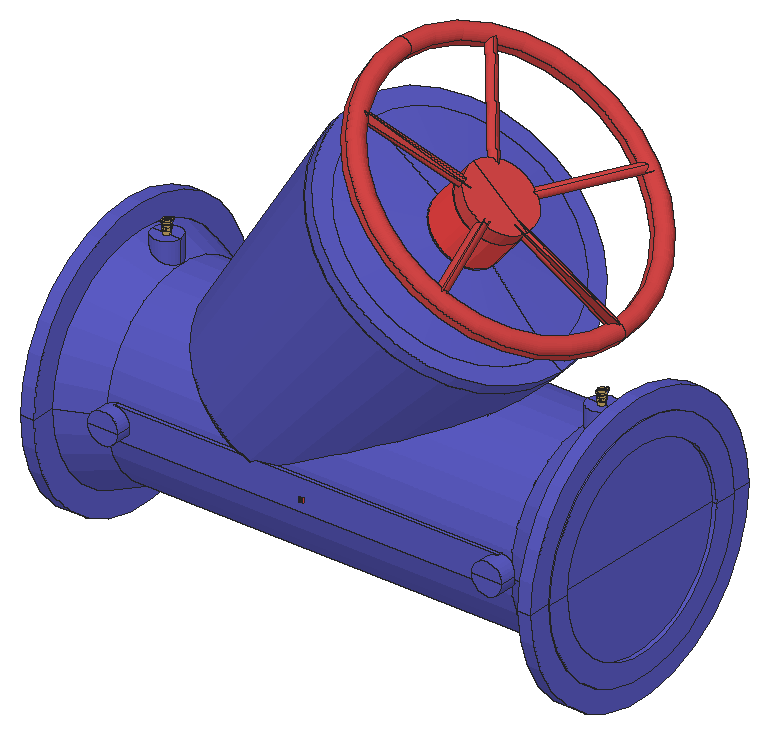
Revit family "HERZ Strömax Балансировочный клапан с измерительными клапанами, шпиндель наклонный 4218 GF PN16", category Rohrzubehör, Revit 2021
Family settings
  Bemaßung runder Anschluss = Durchmesser verwenden
  Teiletyp = Unterbricht
  OmniClass-Nummer = 23.65.55.14
  OmniClass-Titel = Valves for Liquid Services
  Arbeitsebenenbasiert = Nein
  Immer vertikal = Ja
  Beim Laden mit Abzugskörper schneiden = Nein
  Gemeinsam genutzt = Nein
Parameters
  Шпиндель = "нержавеющая сталь"  # constant formula
  Среда = "Допускается использование этилен- и пропиленгликоля в концентрации смеси 25-50% объема.\r\nКачество теплоносителя согласно ÖNORM H 5195 и VDI 2035."
  Область применения = "Для гидравлической балансировки в системах отопления или охлаждения, регулирования и перекрытия трубопроводов, стояков, теплообменников, тепловых и холодильных регистров."
  Номер заказа [instance] = size_lookup("4218_GF_16_", "Artnr", 0, Nennweite)  # 1421890
  Мин. рабочая температура = -10 °C  # constant formula
  Макс. рабочее давление = 1600000.0 Pa  # constant formula
  Макс. рабочая температура = 110 °C  # constant formula
  Корпус = "чугун с шаровидным графитом EN-GJS-400-15"  # constant formula
  Исполнение = "Балансировочный  клапан STRÖMAX-GF с измерительными клапанами, DN 350-500, корпус из чугуна с шаровидным графитом GJS 400-15 в соответствии с EN 1561, фланцы в соответствии с EN 1092, PN 16 или PN 25, покрыт синей эмалью.\r\nБукса из чугуна с шаровидным графитом GJS 400-15, с неподнимающимся шпинделем, уплотнение шпинделя с посощью тройных кольцевых уплотнений.\r\nЦифровой лимб указателя настройки."
  Измерение перепада давления = "Балансировочный клапан STRÖMAX GF оборудован двумя измерительными клапанами:\r\nпри использовании соответствующего измерительного прибора можно измерить перепад давления и благодаря этому можно соответственно определить расход."
  Букса = "чугун с шаровидным графитом EN-GJS-400-15"  # constant formula
  kvs-значения [instance] = if(Nennweite = 350.00 mm, 2917.6, if(Nennweite = 400.00 mm, 3854.8, if(Nennweite = 500.00 mm, 5250.6, 0)))  # 3854.8
  Счетное устройство = "пластмасса"  # constant formula
  W02 = 60.00°  # constant formula
  W01 = 50.00°  # constant formula
  Кегель клапана = "чугун с шаровидным графитом EN-GJS-400-15 согласно EN 1561 / EPDM с покрытием"  # constant formula
  Vorgabe-Ansicht = 0.00 mm
  S01 [instance] = Nennweite + 10.00 mm  # 410.00 mm
  Регулирующий шпиндель = "нержавеющая сталь"  # constant formula
  O-Ring = "EPDM"  # constant formula
  L04 [instance] = size_lookup("4218_GF_16_", "L4", 1.00 mm, Nennweite)  # 229.00 mm
  H11 = 85.00 mm  # constant formula
  H10 [instance] = H07 + H03  # 629.50 mm
  H08 = 47.00 mm  # constant formula
  H07 = 50.00 mm  # constant formula
  H06 = 27.00 mm  # constant formula
  H05 [instance] = H04 + 25.00 mm  # 516.00 mm
  H04 [instance] = size_lookup("4218_GF_16_", "H4", 1.00 mm, Nennweite)  # 491.00 mm
  H03 [instance] = size_lookup("4218_GF_16_", "H3", 1.00 mm, Nennweite)  # 579.50 mm
  Вес [instance] = if(Nennweite = 350.00 mm, "536.0 kg", if(Nennweite = 400.00 mm, "547.0 kg", if(Nennweite = 500.00 mm, "968.0 kg", "0")))  # "547.0 kg"
  URL = "www.herz-armaturen.ru"
  SCRNSEQ = "ARM;ARM_TYP=\"STRV\";2"
  SCRNCODE = "05;07;02"  # constant formula
  R02 [instance] = size_lookup("4218_GF_16_", "R2", 1.00 mm, Nennweite)  # 30.00 mm
  R01 [instance] = size_lookup("4218_GF_16_", "R1", 1.00 mm, Nennweite)  # 32.50 mm
  Nennweite [instance] = 400.00 mm
  L03 [instance] = size_lookup("4218_GF_16_", "L3", 1.00 mm, Nennweite)  # 465.00 mm
  L02 [instance] = size_lookup("4218_GF_16_", "L2", 1.00 mm, Nennweite)  # 410.00 mm
  L01 [instance] = size_lookup("4218_GF_16_", "L1", 1.00 mm, Nennweite)  # 432.50 mm
  L00 [instance] = size_lookup("4218_GF_16_", "L", 1.00 mm, Nennweite)  # 1100.00 mm
  Hersteller = "HERZ Armaturen Ges.m.b.H."  # constant formula
  H09 [instance] = H03  # 579.50 mm
  H02 [instance] = size_lookup("4218_GF_16_", "H2", 1.00 mm, Nennweite)  # 250.00 mm
  H01 [instance] = size_lookup("4218_GF_16_", "H1", 1.00 mm, Nennweite)  # 239.00 mm
  GT = 10.00 mm  # constant formula
  FLL02 [instance] = size_lookup("4218_GF_16_", "FLL2", 1.00 mm, Nennweite)  # 28.00 mm
  FLL01 [instance] = size_lookup("4218_GF_16_", "FLL1", 1.00 mm, Nennweite)  # 4.00 mm
  FLD03 [instance] = size_lookup("4218_GF_16_", "FLD3", 1.00 mm, Nennweite)  # 203.20 mm
  FLD02 [instance] = size_lookup("4218_GF_16_", "FLD2", 1.00 mm, Nennweite)  # 240.00 mm
  FLD01 [instance] = size_lookup("4218_GF_16_", "FLD1", 1.00 mm, Nennweite)  # 245.00 mm
  FLD00 [instance] = size_lookup("4218_GF_16_", "FLD", 1.00 mm, Nennweite)  # 290.00 mm
  DN500 [instance] = Nennweite = 500.00 mm  # no
  DN400 [instance] = Nennweite = 400.00 mm  # yes
  DN350 [instance] = Nennweite = 350.00 mm  # no
  D05 = 75.00 mm  # constant formula
  D04 [instance] = size_lookup("4218_GF_16_", "D4", 1.00 mm, Nennweite)  # 37.50 mm
  D03 [instance] = size_lookup("4218_GF_16_", "D3", 1.00 mm, Nennweite)  # 220.00 mm
  D02 [instance] = D03 - 20.00 mm  # 200.00 mm
  D01 [instance] = size_lookup("4218_GF_16_", "D1", 1.00 mm, Nennweite)  # 285.00 mm
  D00 [instance] = size_lookup("4218_GF_16_", "D", 1.00 mm, Nennweite)  # 218.00 mm
  BH02 [instance] = -BH01  # -32.50 mm
  BH01 [instance] = size_lookup("4218_GF_16_", "BH1", 1.00 mm, Nennweite)  # 32.50 mm
  Anschluss [instance] = Nennweite / 2  # 200.00 mm
Reference planes
  plane 1 "Mitte (Vorne/hinten)": y = 0
  plane 2: z = 0
  plane 3 "Mitte (Links/rechts)": x = 0
Forms (mm)
  Revolve 1, solid, material "Herz-Marineblau", detail levels fine
    sketch origin (1058.943, 0, 0) x (1, 0, 0) y (0, 1, 0)
      loop
        line (-1604.943, 290) -> (-1604.943, 245) -> (-1608.943, 245) -> (-1608.943, 200) -> (-1598.943, 200) -> (-1598.943, 0) -> (-518.943, 0) -> (-518.943, 200) -> (-508.943, 200) -> (-508.943, 245) -> (-512.943, 245) -> (-512.943, 290) -> (-540.943, 290) -> (-540.943, 240) -> (-626.443, 203.2)
        arc (-626.443, 203.2) -> (-1058.943, 218) -> (-1491.443, 203.2) r 6326.868
        line (-1491.443, 203.2) -> (-1576.943, 240) -> (-1576.943, 290) -> (-1604.943, 290)
      axis (-1608.943, 0) -> (-508.943, 0)
    angle from 0 to 360
  Revolve 2, solid, material "Herz-Marineblau", detail levels fine
    sketch origin (0, 0, 0) x (1, 0, 0) y (0, 1, 0)
      loop
        line (-410, 239) -> (-442.5, 239) -> (-442.5, -239) -> (-410, -239) -> (-410, 239)
      axis (-410, 239) -> (-410, -239)
    angle from 0 to 360
  Revolve 3, solid, material "Herz-Marineblau", detail levels fine
    sketch origin (0, 0, 0) x (-1, 0, 0) y (0, 1, 0)
      loop
        line (-410, 239) -> (-442.5, 239) -> (-442.5, -239) -> (-410, -239) -> (-410, 239)
      axis (-410, 239) -> (-410, -239)
    angle from 0 to 360
  Revolve 4, solid, material "Herz-Marineblau", detail levels fine
    sketch origin (0, 0, 0) x (1, 0, 0) y (0, 0, 1)
      loop
        line (-465, 0) -> (-465, 250) -> (-495, 250) -> (-495, 0) -> (-465, 0)
      axis (-465, 250) -> (-465, 0)
    angle from 0 to 360
  Revolve 5, solid, material "Herz-Marineblau", detail levels fine
    sketch origin (0, 0, 0) x (-1, 0, 0) y (0, 0, 1)
      loop
        line (-465, 0) -> (-465, 250) -> (-495, 250) -> (-495, 0) -> (-465, 0)
      axis (-465, 250) -> (-465, 0)
    angle from 0 to 360
  Extrusion 6, solid, material "Herz-Marineblau", visible <- "DN500", detail levels fine
    sketch origin (0, 0, 0) x (1, 0, 0) y (0, 1, 0)
      loop
        arc (-475, -263.998) -> (0, -282.994) -> (475, -263.998) r 5948.094
        line (475, -263.998) -> (475, 263.998)
        arc (475, 263.998) -> (0, 282.994) -> (-475, 263.998) r 5948.094
        line (-475, 263.998) -> (-475, -263.998)
    from -32.5 <- "BH02" to 32.5 <- "BH01"
  Extrusion 7, solid, material "Herz-Marineblau", visible <- "DN400", detail levels fine
    sketch origin (0, 0, 0) x (1, 0, 0) y (0, 1, 0)
      loop
        arc (-410, -209.712) -> (0, -223.005) -> (410, -209.712) r 6329.849
        line (410, -209.712) -> (410, 209.712)
        arc (410, 209.712) -> (0, 223.005) -> (-410, 209.712) r 6329.849
        line (-410, 209.712) -> (-410, -209.712)
    from -32.5 <- "BH02" to 32.5 <- "BH01"
  Extrusion 8, solid, material "Herz-Marineblau", visible <- "DN350", detail levels fine
    sketch origin (0, 0, 0) x (1, 0, 0) y (0, 1, 0)
      loop
        arc (-390, -185.916) -> (0, -255.071) -> (390, -185.916) r 1134.286
        line (390, -185.916) -> (390, 185.916)
        arc (390, 185.916) -> (0, 255.071) -> (-390, 185.916) r 1134.286
        line (-390, 185.916) -> (-390, -185.916)
    from -32.5 <- "BH02" to 32.5 <- "BH01"
  Revolve 9, solid, material "Herz-Marineblau", detail levels fine
    sketch origin (0, 0, 0) x (1, 0, 0) y (0, 0, 1)
      loop
        line (-229, 0) -> (143.495, 443.923) -> (-74.827, 627.117) -> (-340.643, 209.208) -> (-341.392, 177.201) -> (-229, 0)
      axis (-229, 0) -> (143.495, 443.923)
    angle from 0 to 360
  Revolve 10, solid, material "Herz-Marineblau", detail levels fine
    sketch origin (0, 0, 0) x (1, 0, 0) y (0, 0, 1)
      loop
        line (143.495, 443.923) -> (175.635, 482.225) -> (118.181, 530.434) -> (116.253, 528.136)
        arc (116.253, 528.136) -> (45.842, 579.084) -> (-28.745, 623.696) r 995.411
        line (-28.745, 623.696) -> (-57.472, 647.8) -> (-74.827, 627.117) -> (143.495, 443.923)
      axis (175.635, 482.225) -> (143.495, 443.923)
    angle from 0 to 360
  Revolve 11, solid, material "Kunsstoff rot", detail levels fine
    sketch origin (0, 0, 0) x (1, 0, 0) y (0, 0, 1)
      loop
        line (175.635, 482.225) -> (230.272, 547.339) -> (172.818, 595.548) -> (118.181, 530.434) -> (175.635, 482.225)
      axis (230.272, 547.339) -> (175.635, 482.225)
    angle from 0 to 360
Lines and regions (mm)
  model lines, detail levels coarse+medium
    curve 1: line (-550, 0, 290) -> (-550, 0, -290)
    curve 2: line (-550, 0, -290) -> (550, 0, 290)
    curve 3: line (550, 0, 290) -> (550, 0, -290)
    curve 4: line (550, 0, -290) -> (-550, 0, 290)
    curve 5: line (0, 0, 0) -> (334.574, 0, 579.5)
    curve 6: line (157.039, 0, 682) -> (512.11, 0, 477)
    curve 7: line (-550, 290, 0) -> (-550, -290, 0)
    curve 8: line (-550, -290, 0) -> (550, 290, 0)
    curve 9: line (550, 290, 0) -> (550, -290, 0)
    curve 10: line (550, -290, 0) -> (-550, 290, 0)
    curve 11: line (0, 0, 0) -> (334.574, 579.5, 0)
    curve 12: line (157.039, 682, 0) -> (512.11, 477, 0)
Dimensions and locks
  "FLD00": plane 1 "Mitte (Vorne/hinten)" to Revolve 1 sketch curve
  "FLD01": plane 1 "Mitte (Vorne/hinten)" to Revolve 1 sketch curve
  "FLD02": plane 1 "Mitte (Vorne/hinten)" to Revolve 1 sketch curve  (x2)
  "FLD03": plane 1 "Mitte (Vorne/hinten)" to Revolve 1 sketch curve  (x2)
  "GT": Revolve 1 sketch curve to Revolve 1 sketch curve  (x2)
  "FLL01": Revolve 1 sketch curve to Revolve 1 sketch curve  (x2)
  "FLL02": Revolve 1 sketch curve to Revolve 1 sketch curve  (x2)
  equal spacing: Revolve 1 sketch curve, plane 3 "Mitte (Links/rechts)", Revolve 1 sketch curve
  "Anschluss": Revolve 1 sketch curve to plane 1 "Mitte (Vorne/hinten)"
  "Anschluss": plane 1 "Mitte (Vorne/hinten)" to Revolve 1 sketch curve
  "FLD01": Revolve 1 sketch curve to plane 1 "Mitte (Vorne/hinten)"
  "FLD00": Revolve 1 sketch curve to plane 1 "Mitte (Vorne/hinten)"
  "L00": Revolve 1 sketch curve to Revolve 1 sketch curve
  "D00": plane 1 "Mitte (Vorne/hinten)" to Revolve 1 sketch curve
  "L01": Revolve 1 sketch curve to plane 3 "Mitte (Links/rechts)" to Revolve 1 sketch curve
  "L02": Revolve 2 sketch curve to plane 3 "Mitte (Links/rechts)"
  "R01": Revolve 2 sketch curve to Revolve 2 sketch curve
  "H01": Revolve 2 sketch curve to plane 1 "Mitte (Vorne/hinten)" to Revolve 2 sketch curve
  "L02": plane 3 "Mitte (Links/rechts)" to Revolve 3 sketch curve
  "R01": Revolve 3 sketch curve to Revolve 3 sketch curve
  "H01": Revolve 3 sketch curve to plane 1 "Mitte (Vorne/hinten)" to Revolve 3 sketch curve
  "L03": plane 3 "Mitte (Links/rechts)" to Revolve 4 sketch curve
  "R02": Revolve 4 sketch curve to Revolve 4 sketch curve
  "H02": Revolve 4 sketch curve to plane 2
  "R02": Revolve 5 sketch curve to Revolve 5 sketch curve
  "L03": Revolve 5 sketch curve to plane 3 "Mitte (Links/rechts)"
  "H02": Revolve 5 sketch curve to plane 2
  "L03": plane 3 "Mitte (Links/rechts)" to nested 1
  "L03": nested 2 to plane 3 "Mitte (Links/rechts)"
  "H02": nested 1 to plane 2
  "H02": nested 2 to plane 2
  "FLD00": curve 4 to plane 2 to curve 2
  "FLD00": curve 3 to plane 2 to curve 4
  equal spacing: curve 1, plane 3 "Mitte (Links/rechts)", curve 3
  "L00": curve 1 to curve 3
  "H09": curve 5 to plane 2
  equal spacing: curve 1, curve 5, curve 3
  equal spacing: curve 6, curve 5, curve 6
  "S01": curve 6 to curve 6
  "FLD00": curve 8 to plane 1 "Mitte (Vorne/hinten)" to curve 10
  "FLD00": curve 10 to plane 1 "Mitte (Vorne/hinten)" to curve 9
  equal spacing: curve 7, plane 3 "Mitte (Links/rechts)", curve 9
  "L00": curve 7 to curve 9
  equal spacing: curve 7, curve 11, curve 9
  "H09": plane 1 "Mitte (Vorne/hinten)" to curve 11
  equal spacing: curve 12, curve 11, curve 12
  "S01": curve 12 to curve 12
  "L04": plane 3 "Mitte (Links/rechts)" to Revolve 9 sketch curve  (x2)
  "H03": Revolve 9 sketch curve to Revolve 9 sketch curve
  "D02": Revolve 9 sketch curve to Revolve 9 sketch curve
  "H05": Revolve 9 sketch curve to Revolve 9 sketch curve
  "H04": Revolve 9 sketch curve to Revolve 9 sketch curve
  "D03": Revolve 9 sketch curve to Revolve 9 sketch curve
  "H03": Revolve 10 sketch curve to Revolve 10 sketch curve
  "D01": Revolve 10 sketch curve to Revolve 10 sketch curve  (x2)
  "D04": Revolve 10 sketch curve to Revolve 10 sketch curve
  "D05": Revolve 10 sketch curve to Revolve 10 sketch curve
  "H06": Revolve 9 to Revolve 10 sketch curve
  "H07": Revolve 9 to Revolve 10 sketch curve
  "H08": Revolve 9 to Revolve 10 sketch curve
  "L04": plane 3 "Mitte (Links/rechts)" to Revolve 10 sketch curve
  "D01": Revolve 9 sketch curve to Revolve 9 sketch curve
  "L04": plane 3 "Mitte (Links/rechts)" to Revolve 11 sketch curve
  "H11": Revolve 10 to Revolve 11 sketch curve
  "D05": Revolve 11 sketch curve to Revolve 11 sketch curve  (x2)
  "H10": Revolve 11 sketch curve to Revolve 11 sketch curve
  "W02": angle plane 2 to curve 5
  "W02": angle plane 1 "Mitte (Vorne/hinten)" to curve 11
  "W01": angle plane 2 to Revolve 9 sketch curve  (x2)
  "W01": angle plane 2 to Revolve 10 sketch curve  (x2)
  "W01": angle plane 2 to Revolve 11 sketch curve  (x2)
  aligned and locked: level to plane 2
Automatic sketch dimensions
  Extrusion 6 sketch curve to plane 3 "Mitte (Links/rechts)" = 0.00 mm  (x2)
  plane 1 "Mitte (Vorne/hinten)" to Extrusion 6 sketch curve = 263.998 mm
  Extrusion 6 sketch curve to plane 3 "Mitte (Links/rechts)" = 475.00 mm
  Extrusion 6 sketch curve to Extrusion 6 sketch curve = 5401.102 mm
  Extrusion 6 sketch curve to plane 1 "Mitte (Vorne/hinten)" = 5665.10 mm
  Extrusion 6 sketch curve to plane 1 "Mitte (Vorne/hinten)" = 263.998 mm  (x2)
  Extrusion 7 sketch curve to plane 3 "Mitte (Links/rechts)" = 0.00 mm  (x2)
  plane 1 "Mitte (Vorne/hinten)" to Extrusion 7 sketch curve = 209.712 mm  (x2)
  Extrusion 7 sketch curve to plane 3 "Mitte (Links/rechts)" = 410.00 mm
  Extrusion 7 sketch curve to Extrusion 7 sketch curve = 5897.131 mm
  Extrusion 7 sketch curve to plane 1 "Mitte (Vorne/hinten)" = 6106.844 mm
  Extrusion 7 sketch curve to plane 1 "Mitte (Vorne/hinten)" = 209.712 mm
  Extrusion 8 sketch curve to plane 3 "Mitte (Links/rechts)" = 0.00 mm  (x2)
  plane 1 "Mitte (Vorne/hinten)" to Extrusion 8 sketch curve = 185.916 mm
  Extrusion 8 sketch curve to plane 3 "Mitte (Links/rechts)" = 390.00 mm
  Extrusion 8 sketch curve to Extrusion 8 sketch curve = 693.298 mm
  Extrusion 8 sketch curve to plane 1 "Mitte (Vorne/hinten)" = 879.214 mm
  Extrusion 8 sketch curve to plane 1 "Mitte (Vorne/hinten)" = 185.916 mm  (x2)
  plane 1 "Mitte (Vorne/hinten)" to Revolve 1 sketch curve = 0.00 mm  (x2)
  Revolve 1 sketch curve to Revolve 1 sketch curve = 35.00 mm
  Revolve 1 sketch curve to Revolve 1 sketch curve = 40.00 mm
  Revolve 2 sketch curve to Revolve 2 sketch curve = 0.00 mm  (x3)
  Revolve 3 sketch curve to Revolve 3 sketch curve = 0.00 mm  (x3)
  Revolve 4 sketch curve to level = 0.00 mm  (x2)
  Revolve 4 sketch curve to Revolve 4 sketch curve = 0.00 mm  (x2)
  Revolve 5 sketch curve to level = 0.00 mm  (x2)
  Revolve 5 sketch curve to Revolve 5 sketch curve = 0.00 mm  (x2)
  Revolve 9 sketch curve to level = 0.00 mm  (x2)
  Revolve 10 sketch curve to level = 0.00 mm
  Revolve 10 sketch curve to level = 252.062 mm
  Revolve 11 sketch curve to level = 0.00 mm
Nested families
  nested 1: "Messstutzen_Band_Eintritt_senkrecht_(oben)" at (-465, 0, 241), type "Messstutzen_Band_Eintritt_senkrecht_(oben)", detail levels fine
    with Schutzkappe yes, Nennweite 0.00 mm, Gewicht 0.00 kg, Bestellnummer 0
  nested 2: "Messstutzen_Band_Austritt_senkrecht_(oben)" at (465, 0, 241), type "Messstutzen_Band_Austritt_senkrecht_(oben)", detail levels fine
    with Schutzkappe yes, Nennweite 0.00 mm, Gewicht 0.00 kg, Bestellnummer 0
  nested 3: "Herz-Logo-vorne" at (0, -282.994, 0) x (0, 1, 0) z (0, 0, 1), visible <- "DN500", type "Herz-Logo-vorne", detail levels fine
  nested 4: "Herz-Logo-vorne" at (0, -221.503, 0) x (0, 1, 0) z (0, 0, 1), visible <- "DN400", type "Herz-Logo-vorne", detail levels fine
  nested 5: "Herz-Logo-vorne" at (0, -255.053, 0) x (0, 1, 0) z (0, 0, 1), visible <- "DN350", type "Herz-Logo-vorne", detail levels fine
  nested 6: "Strangregulierventil-Handrad_VOLL-Schräg (Rot) DN350-DN400" at (211.704, 0, 501.376), visible <- "DN350", type "Strangregulierventil-Handrad_VOLL-Schräg (Rot) DN350-DN400"
    with DN300 yes
  nested 7: "Strangregulierventil-Handrad_VOLL-Schräg (Rot) DN350-DN400" at (230.272, 0, 547.339), visible <- "DN400", type "Strangregulierventil-Handrad_VOLL-Schräg (Rot) DN350-DN400"
    with DN300 yes
  nested 8: "Strangregulierventil-Handrad_VOLL-Schräg (Rot) DN500" at (262.637, 0, 616.896), visible <- "DN500", type "Strangregulierventil-Handrad_VOLL-Schräg (Rot) DN500", detail levels fine
    with DN300 yes
Connectors
  piping at (-550, 0, 0), diameter 400, driven by "Nennweite"
    settings: on Revolve 1, index 1, connector inside diameter 609.6 mm, connector length 0.00 mm, flow factor 0, pipe flow 0.0 L/s, pressure drop 0.0 Pa, fitting loss kfactor 0, connector angle 0.00°, fixture units 0, engagement length 0.00 mm, angle of deflection 0.00°, flow configuration 0, flow direction 1, fitting loss method 0, system type 29, joint type 0, gender type 0, connector reference index -1, connector utility 0, adjustable connector no, is connector primary yes, connector description ""
  piping at (550, 0, 0), diameter 400, driven by "Nennweite"
    settings: on Revolve 1, index 2, connector inside diameter 609.6 mm, connector length 0.00 mm, flow factor 0, pipe flow 0.0 L/s, pressure drop 0.0 Pa, fitting loss kfactor 0, connector angle 0.00°, fixture units 0, engagement length 0.00 mm, angle of deflection 0.00°, flow configuration 0, flow direction 2, fitting loss method 0, system type 29, joint type 0, gender type 0, connector reference index -1, connector utility 0, adjustable connector no, is connector primary no, connector description ""
Definition of nested family "Messstutzen_Band_Eintritt_senkrecht_(oben)"
  Parameters (values of type "Messstutzen_Band_Eintritt_senkrecht_(oben)")
    Default Elevation = 0.00 mm
    URL = "www.herz-armaturen.at"
    Schutzkappe [instance] = yes
    Nennweite [instance] = 0.00 mm
    Manufacturer = "Herz Armaturen GmbH"  # constant formula
    Gewicht [instance] = 0.00 kg
    Bestellnummer [instance] = 0
  Reference planes
    plane 1 "Mitte (Vorne/hinten)": y = 0
    plane 2: z = 0
    plane 3 "Mitte (Links/rechts)": x = 0
    plane 4 "Schlaufe 1": z = -27
    plane 5 "Schlaufe 2": z = -31.678
  Forms (mm)
    Revolve 1, solid, detail levels fine
      sketch origin (0, 0, 0) x (1, 0, 0) y (0, 0, 1)
        loop
          line (-7.4, 9) -> (-5.55, 9) -> (-5.55, 6)
          arc (-5.55, 6) -> (-5.626, 5.617) -> (-5.843, 5.293) r 1
          line (-5.843, 5.293) -> (-6.455, 4.681) -> (-6.455, 0.9) -> (-5.555, 0) -> (-2, 0) -> (-2, 17.5) -> (-8.4, 17.5)
          arc (-8.4, 17.5) -> (-7.693, 17.207) -> (-7.4, 16.5) r 1
          line (-7.4, 16.5) -> (-7.4, 9)
        loop
          line (-3.7, 27) -> (-7.3, 27) -> (-7.9, 26.4) -> (-7.9, 23) -> (-2, 23) -> (-2, 35.8) -> (-3.805, 35.8) -> (-4.415, 35.19) -> (-4.415, 30.863) -> (-3.7, 30.45) -> (-3.7, 27)
        axis (0, 0) -> (0, 35.8)
      angle from 0 to 360
    Extrusion 2, solid, detail levels fine
      sketch origin (0, 0, 17.5) x (0, 1, 0) y (-1, 0, 0)
        loop
          arc (-7.07, 5.156) -> (-7.578, 4.375) -> (-8, 3.544) r 8.75
          line (-8, 3.544) -> (-8, -3.544)
          arc (-8, -3.544) -> (-7.578, -4.375) -> (-7.07, -5.156) r 8.75
          line (-7.07, -5.156) -> (-0.93, -8.7)
          arc (-0.93, -8.7) -> (0, -8.75) -> (0.93, -8.7) r 8.75
          line (0.93, -8.7) -> (7.07, -5.156)
          arc (7.07, -5.156) -> (7.578, -4.375) -> (8, -3.544) r 8.75
          line (8, -3.544) -> (8, 3.544)
          arc (8, 3.544) -> (7.578, 4.375) -> (7.07, 5.156) r 8.75
          line (7.07, 5.156) -> (0.93, 8.7)
          arc (0.93, 8.7) -> (0, 8.75) -> (-0.93, 8.7) r 8.75
          line (-0.93, 8.7) -> (-7.07, 5.156)
      from 0 to 5.5
    Revolve 3, solid, visible <- "Schutzkappe", detail levels fine
      sketch origin (0, 0, 0) x (1, 0, 0) y (0, 0, 1)
        loop
          line (0, 35.878) -> (0, 36.678) -> (-7, 36.678) -> (-7, 33.378) -> (-6.1, 33.378) -> (-6.1, 31.678) -> (-6.9, 31.678) -> (-6.9, 30.178) -> (-4.415, 30.178) -> (-4.415, 35.268) -> (-3.805, 35.878) -> (0, 35.878)
        axis (0, 30.178) -> (0, 36.678)
      angle from 0 to 360
    Extrusion 4, solid, detail levels fine
      sketch origin (0, 0, 28.5) x (1, 0, 0) y (0, 1, 0)
        loop
          circle (0, 0) r 3.7
        loop
          arc (-3.906, 5.505) -> (0, -6.75) -> (3.906, 5.505) r 6.75
          arc (3.906, 5.505) -> (2.358, 7.288) -> (1.8, 9.582) r 5
          line (1.8, 9.582) -> (-1.8, 9.582)
          arc (-1.8, 9.582) -> (-2.358, 7.288) -> (-3.906, 5.505) r 5
      from 0 to -1.5
    Extrusion 5, solid, detail levels fine
      sketch origin (0, 0, 33.178) x (1, 0, 0) y (0, 1, 0)
        loop
          circle (0, 0) r 6.1
        loop
          arc (-4.495, 8.652) -> (0, -9.75) -> (4.495, 8.652) r 9.75
          arc (4.495, 8.652) -> (2.527, 10.493) -> (1.8, 13.089) r 5
          line (1.8, 13.089) -> (-1.8, 13.089)
          arc (-1.8, 13.089) -> (-2.527, 10.493) -> (-4.495, 8.652) r 5
      from 0 to -1.5
    Sweep 6, solid, detail levels fine
      path origin (0, 0, 0) x (0, 0, -1) y (0, -1, 0)
        loop
          line (-27.75, -9.582) -> (-27.75, -14.522)
          arc (-27.75, -14.522) -> (-30.089, -16.862) -> (-32.428, -14.522) r 2.339
          line (-32.428, -14.522) -> (-32.428, -13.089)
      profile origin (0, 12.052, 27.75) x (0, 0, 1) y (1, 0, 0)
        loop
          line (-0.75, -1.8) -> (0.75, -1.8) -> (0.75, 1.8) -> (-0.75, 1.8) -> (-0.75, -1.8)
  Dimensions and locks
    aligned and locked: level to plane 2
Definition of nested family "Messstutzen_Band_Austritt_senkrecht_(oben)"
  Parameters (values of type "Messstutzen_Band_Austritt_senkrecht_(oben)")
    Default Elevation = 0.00 mm
    URL = "www.herz-armaturen.at"
    Schutzkappe [instance] = yes
    Nennweite [instance] = 0.00 mm
    Manufacturer = "Herz Armaturen GmbH"  # constant formula
    Gewicht [instance] = 0.00 kg
    Bestellnummer [instance] = 0
  Reference planes
    plane 1 "Mitte (Vorne/hinten)": y = 0
    plane 2: z = 0
    plane 3 "Mitte (Links/rechts)": x = 0
    plane 4 "Schlaufe 1": z = -27
    plane 5 "Schlaufe 2": z = -31.678
  Forms (mm)
    Revolve 1, solid, detail levels fine
      sketch origin (0, 0, 0) x (1, 0, 0) y (0, 0, 1)
        loop
          line (-7.4, 9) -> (-5.55, 9) -> (-5.55, 6)
          arc (-5.55, 6) -> (-5.626, 5.617) -> (-5.843, 5.293) r 1
          line (-5.843, 5.293) -> (-6.455, 4.681) -> (-6.455, 0.9) -> (-5.555, 0) -> (-2, 0) -> (-2, 17.5) -> (-8.4, 17.5)
          arc (-8.4, 17.5) -> (-7.693, 17.207) -> (-7.4, 16.5) r 1
          line (-7.4, 16.5) -> (-7.4, 9)
        loop
          line (-3.7, 27) -> (-7.3, 27) -> (-7.9, 26.4) -> (-7.9, 23) -> (-2, 23) -> (-2, 35.8) -> (-3.805, 35.8) -> (-4.415, 35.19) -> (-4.415, 30.863) -> (-3.7, 30.45) -> (-3.7, 27)
        axis (0, 0) -> (0, 35.8)
      angle from 0 to 360
    Extrusion 2, solid, detail levels fine
      sketch origin (0, 0, 17.5) x (0, 1, 0) y (-1, 0, 0)
        loop
          arc (-7.07, 5.156) -> (-7.578, 4.375) -> (-8, 3.544) r 8.75
          line (-8, 3.544) -> (-8, -3.544)
          arc (-8, -3.544) -> (-7.578, -4.375) -> (-7.07, -5.156) r 8.75
          line (-7.07, -5.156) -> (-0.93, -8.7)
          arc (-0.93, -8.7) -> (0, -8.75) -> (0.93, -8.7) r 8.75
          line (0.93, -8.7) -> (7.07, -5.156)
          arc (7.07, -5.156) -> (7.578, -4.375) -> (8, -3.544) r 8.75
          line (8, -3.544) -> (8, 3.544)
          arc (8, 3.544) -> (7.578, 4.375) -> (7.07, 5.156) r 8.75
          line (7.07, 5.156) -> (0.93, 8.7)
          arc (0.93, 8.7) -> (0, 8.75) -> (-0.93, 8.7) r 8.75
          line (-0.93, 8.7) -> (-7.07, 5.156)
      from 0 to 5.5
    Revolve 3, solid, visible <- "Schutzkappe", detail levels fine
      sketch origin (0, 0, 0) x (1, 0, 0) y (0, 0, 1)
        loop
          line (0, 35.878) -> (0, 36.678) -> (-7, 36.678) -> (-7, 33.378) -> (-6.1, 33.378) -> (-6.1, 31.678) -> (-6.9, 31.678) -> (-6.9, 30.178) -> (-4.415, 30.178) -> (-4.415, 35.268) -> (-3.805, 35.878) -> (0, 35.878)
        axis (0, 30.178) -> (0, 36.678)
      angle from 0 to 360
    Extrusion 4, solid, detail levels fine
      sketch origin (0, 0, 28.5) x (1, 0, 0) y (0, 1, 0)
        loop
          circle (0, 0) r 3.7
        loop
          arc (-3.906, 5.505) -> (0, -6.75) -> (3.906, 5.505) r 6.75
          arc (3.906, 5.505) -> (2.358, 7.288) -> (1.8, 9.582) r 5
          line (1.8, 9.582) -> (-1.8, 9.582)
          arc (-1.8, 9.582) -> (-2.358, 7.288) -> (-3.906, 5.505) r 5
      from 0 to -1.5
    Extrusion 5, solid, detail levels fine
      sketch origin (0, 0, 33.178) x (1, 0, 0) y (0, 1, 0)
        loop
          circle (0, 0) r 6.1
        loop
          arc (-4.495, 8.652) -> (0, -9.75) -> (4.495, 8.652) r 9.75
          arc (4.495, 8.652) -> (2.527, 10.493) -> (1.8, 13.089) r 5
          line (1.8, 13.089) -> (-1.8, 13.089)
          arc (-1.8, 13.089) -> (-2.527, 10.493) -> (-4.495, 8.652) r 5
      from 0 to -1.5
    Sweep 6, solid, detail levels fine
      path origin (0, 0, 0) x (0, 0, -1) y (0, -1, 0)
        loop
          line (-27.75, -9.582) -> (-27.75, -14.522)
          arc (-27.75, -14.522) -> (-30.089, -16.862) -> (-32.428, -14.522) r 2.339
          line (-32.428, -14.522) -> (-32.428, -13.089)
      profile origin (0, 12.052, 27.75) x (0, 0, 1) y (1, 0, 0)
        loop
          line (-0.75, -1.8) -> (0.75, -1.8) -> (0.75, 1.8) -> (-0.75, 1.8) -> (-0.75, -1.8)
  Dimensions and locks
    aligned and locked: level to plane 2
Definition of nested family "Herz-Logo-vorne"
  Parameters (values of type "Herz-Logo-vorne")
    Default Elevation = 0.00 mm
  Reference planes
    plane 1 "Mitte (Vorne/hinten)": y = 0
    plane 2: z = 0
    plane 3 "Mitte (Links/rechts)": x = 0
  Forms (mm)
    Extrusion 1, solid
      sketch origin (0.732, -0.018, 0.017) x (0, -1, 0) y (0, 0, 1)
        loop
          line (-0.018, -4.517) -> (4.482, -4.517) -> (4.482, 4.483) -> (-4.518, 4.483) -> (-4.518, -4.517) -> (-0.018, -4.517)
        loop
          line (-0.05, -3.48) -> (3.482, -3.48) -> (3.482, 3.483) -> (-3.518, 3.483) -> (-3.518, -3.48) -> (-0.05, -3.48)
        loop
          arc (-0.018, 2.383) -> (-1.543, 3.287) -> (-3.067, 2.383) r 1.738
          arc (-3.067, 2.383) -> (-3.191, 1.899) -> (-3.067, 1.415) r 1.009
          line (-3.067, 1.415) -> (-0.018, -3.281) -> (3.032, 1.415)
          arc (3.032, 1.415) -> (3.156, 1.899) -> (3.032, 2.383) r 1.009
          arc (3.032, 2.383) -> (1.507, 3.287) -> (-0.018, 2.383) r 1.738
        loop
          arc (1.885, 1.272) -> (2.005, 1.675) -> (1.885, 2.079) r 0.74
          arc (1.885, 2.079) -> (1.265, 2.416) -> (0.644, 2.079) r 0.74
          line (0.644, 2.079) -> (-0.018, 0.97) -> (-0.679, 2.079)
          arc (-0.679, 2.079) -> (-1.3, 2.416) -> (-1.921, 2.079) r 0.74
          arc (-1.921, 2.079) -> (-2.04, 1.675) -> (-1.921, 1.272) r 0.74
          line (-1.921, 1.272) -> (-0.018, -1.658) -> (1.885, 1.272)
      from 0 to 1.5
  Dimensions and locks
    aligned and locked: level to plane 2
Definition of nested family "Strangregulierventil-Handrad_VOLL-Schräg (Rot) DN350-DN400"
  Parameters (values of type "Strangregulierventil-Handrad_VOLL-Schräg (Rot) DN350-DN400")
    Default Elevation = 0.00 mm
    DN300 [instance] = yes
  Reference planes
    plane 1 "Mitte (Vorne/hinten)": y = 0
    plane 2: z = 0
    plane 3 "Mitte (Links/rechts)": x = 0
  Forms (mm)
    Revolve 1, solid, detail levels fine
      sketch origin (0, 0, 0) x (0.766044, 0, -0.642788) y (0.642788, 0, 0.766044)
        loop
          line (0, 0) -> (0, 30) -> (-75, 30) -> (-75, 0) -> (0, 0)
        loop
          line (-316.85, 58.85) -> (-316.85, 42.85) -> (-280.85, 42.85) -> (-280.85, 58.85)
          arc (-280.85, 58.85) -> (-298.85, 76.85) -> (-316.85, 58.85) r 18
        axis (0, 58.85) -> (0, 0)
      angle from 0 to 360
    Revolve 2, solid, detail levels fine
      sketch origin (0, 0, 0) x (0.766044, 0, -0.642788) y (0.642788, 0, 0.766044)
        loop
          line (299.245, 74.817) -> (49.107, 26.195) -> (50.831, 16.343) -> (301.153, 65.001) -> (299.245, 74.817)
        axis (50.832, 16.338) -> (301.154, 64.996)
      angle from 0 to 360
    Revolve 3, solid, detail levels fine
      sketch origin (0, 0, 0) x (0.236721, 0.951057, -0.198632) y (0.642788, 0, 0.766044)
        loop
          line (299.245, 74.817) -> (49.107, 26.195) -> (50.831, 16.343) -> (301.153, 65.001) -> (299.245, 74.817)
        axis (50.832, 16.338) -> (301.154, 64.996)
      angle from 0 to 360
    Revolve 4, solid, detail levels fine
      sketch origin (0, 0, 0) x (-0.619743, 0.587785, 0.520026) y (0.642788, 0, 0.766044)
        loop
          line (299.245, 74.817) -> (49.107, 26.195) -> (50.831, 16.343) -> (301.153, 65.001) -> (299.245, 74.817)
        axis (50.832, 16.338) -> (301.154, 64.996)
      angle from 0 to 360
    Revolve 5, solid, detail levels fine
      sketch origin (0, 0, 0) x (-0.619743, -0.587785, 0.520026) y (0.642788, 0, 0.766044)
        loop
          line (299.245, 74.817) -> (49.107, 26.195) -> (50.831, 16.343) -> (301.153, 65.001) -> (299.245, 74.817)
        axis (50.832, 16.338) -> (301.154, 64.996)
      angle from 0 to 360
    Revolve 6, solid, detail levels fine
      sketch origin (0, 0, 0) x (0.236721, -0.951057, -0.198632) y (0.642788, 0, 0.766044)
        loop
          line (299.245, 74.817) -> (49.107, 26.195) -> (50.831, 16.343) -> (301.153, 65.001) -> (299.245, 74.817)
        axis (50.832, 16.338) -> (301.154, 64.996)
      angle from 0 to 360
  Dimensions and locks
    Revolve 1 sketch curve to plane 2 = 255.179 mm
    Revolve 1 sketch curve to Revolve 1 sketch curve = 30.00 mm
    aligned and locked: level to plane 2
Definition of nested family "Strangregulierventil-Handrad_VOLL-Schräg (Rot) DN500"
  Parameters (values of type "Strangregulierventil-Handrad_VOLL-Schräg (Rot) DN500")
    Default Elevation = 0.00 mm
    DN300 [instance] = yes
  Reference planes
    plane 1 "Mitte (Vorne/hinten)": y = 0
    plane 2: z = 0
    plane 3 "Mitte (Links/rechts)": x = 0
  Forms (mm)
    Revolve 1, solid, detail levels fine
      sketch origin (0, 0, 0) x (0.766044, 0, -0.642788) y (0.642788, 0, 0.766044)
        loop
          line (0, 0) -> (0, 30) -> (-75, 30) -> (-75, 0) -> (0, 0)
        loop
          circle (-400, 94.75) r 16.85
        axis (0, 94.75) -> (0, 0)
      angle from 0 to 360
    Revolve 2, solid, detail levels fine
      sketch origin (0, 0, 0) x (0.766044, 0, -0.642788) y (0.642788, 0, 0.766044)
        loop
          line (400.44, 94.852) -> (397.067, 109.46) -> (48.97, 25.68) -> (51.251, 14.235) -> (400.44, 94.852)
        axis (51.251, 14.235) -> (400.44, 94.852)
      angle from 0 to 360
    Revolve 3, solid, detail levels fine
      sketch origin (0, 0, 0) x (0.383022, 0.866025, -0.321394) y (0.642788, 0, 0.766044)
        loop
          line (400.44, 94.852) -> (397.067, 109.46) -> (48.97, 25.68) -> (51.251, 14.235) -> (400.44, 94.852)
        axis (51.251, 14.235) -> (400.44, 94.852)
      angle from 0 to 360
    Revolve 4, solid, detail levels fine
      sketch origin (0, 0, 0) x (-0.383022, 0.866025, 0.321394) y (0.642788, 0, 0.766044)
        loop
          line (400.44, 94.852) -> (397.067, 109.46) -> (48.97, 25.68) -> (51.251, 14.235) -> (400.44, 94.852)
        axis (51.251, 14.235) -> (400.44, 94.852)
      angle from 0 to 360
    Revolve 5, solid, detail levels fine
      sketch origin (0, 0, 0) x (-0.766044, 0, 0.642788) y (0.642788, 0, 0.766044)
        loop
          line (400.44, 94.852) -> (397.067, 109.46) -> (48.97, 25.68) -> (51.251, 14.235) -> (400.44, 94.852)
        axis (51.251, 14.235) -> (400.44, 94.852)
      angle from 0 to 360
    Revolve 6, solid, detail levels fine
      sketch origin (0, 0, 0) x (-0.383022, -0.866025, 0.321394) y (0.642788, 0, 0.766044)
        loop
          line (400.44, 94.852) -> (397.067, 109.46) -> (48.97, 25.68) -> (51.251, 14.235) -> (400.44, 94.852)
        axis (51.251, 14.235) -> (400.44, 94.852)
      angle from 0 to 360
    Revolve 7, solid, detail levels fine
      sketch origin (0, 0, 0) x (0.383022, -0.866025, -0.321394) y (0.642788, 0, 0.766044)
        loop
          line (400.44, 94.852) -> (397.067, 109.46) -> (48.97, 25.68) -> (51.251, 14.235) -> (400.44, 94.852)
        axis (51.251, 14.235) -> (400.44, 94.852)
      angle from 0 to 360
  Dimensions and locks
    Revolve 1 sketch curve to Revolve 1 sketch curve = 30.00 mm
    Revolve 1 sketch curve to Revolve 1 sketch curve = 416.85 mm
    Revolve 1 sketch curve to level = 346.548 mm
    Revolve 1 sketch curve to Revolve 1 sketch curve = 75.00 mm
    aligned and locked: level to plane 2
